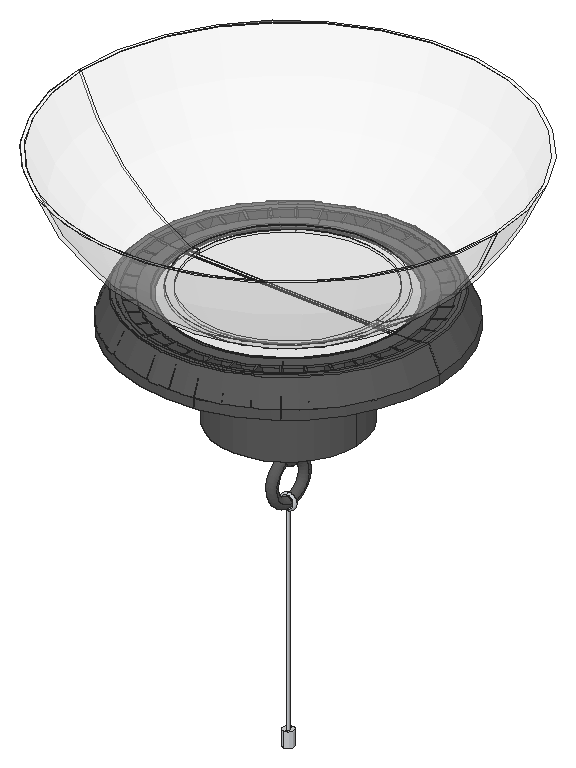
Revit family "0039363+0039358 Sylvania Lighting Fixture START HighBay IP65 DALI 19000lm 840 MB with PC LAMPSHADE TRANSPARENT 13 19KLM pendant", category Lighting Fixtures, host Face, Revit 2017
Family settings
  Host = Face
  Round Connector Dimension = Use Diameter
  Part Type = Normal
  OmniClass Number = 23.80.70.00
  OmniClass Title = Lighting
  Cut with Voids When Loaded = No
  Light Source = Yes
  Shared = No
  Room Calculation Point = No
Parameters (values of type "0039363+0039358 START HighBay IP65 DALI 19000lm 840 MB with PC LAMPSHADE TRANSPARENT 13/19KLM")
  WidthStraight_FEILO = if(SizeS_FEILO, 3 mm, if(SizeM_FEILO, 4 mm, 4.7 mm))  # 4 mm
  WidthRingChamfer_FEILO = if(SizeS_FEILO, 10.3 mm, if(SizeM_FEILO, 11.2 mm, 12.9 mm))  # 11.2 mm
  WidthCurved_FEILO = if(SizeS_FEILO, 17.4 mm, if(SizeM_FEILO, 16.4 mm, 26.2 mm))  # 16.4 mm
  WidthCurvedRing_FEILO = if(SizeS_FEILO, 3 mm, if(SizeM_FEILO, 4 mm, 4.7 mm))  # 4 mm
  WidthBracket_FEILO = 40 mm
  Weight = "3.4 kg"
  Wattage Comments = ""
  Wattage = 150 W
  WarrantyStartDate [instance] = "n/a"
  WarrantyGuarantorParts = "n/a"
  WarrantyDurationUnit = "n/a"
  WarrantyDurationParts = "n/a"
  WarrantyDescription = "n/a"
  built-in parameter 1150110 = 1 (stored number, unit not read)
  Voltage = 0 V
  VisibilityBracket_FEILO = no
  URL = "http://www.sylvania-lighting.com"
  TypeName = "START HighBay IP65 DALI 19000lm 840 MB with PC LAMPSHADE TRANSPARENT 13/19KLM"
  Type Image = <None>
  Type Comments = "n/a"
  built-in parameter 1114217 = 1 (stored number, unit not read)
  Tilt Angle = -90.00°
  ThicknessWall_FEILO = 1.5 mm
  ThicknessBracket_FEILO = 1.5 mm
  ThicknessBracketHalf_FEILO = ThicknessBracket_FEILO / 2  # 0.75 mm
  built-in parameter 1150109 = 1 (stored number, unit not read)
  built-in parameter 1150134 = 12
  SuspensionHeight_FEILO [instance] = 400 mm
  built-in parameter 1150113 = 1 (stored number, unit not read)
  SizeS_FEILO = no
  SizeM_FEILO = yes
  ShadeThickness_FEILO = 3 mm
  ShadeSizeSM_FEILO = or(SizeS_FEILO, SizeM_FEILO)  # yes
  ShadeRadiusOut_FEILO = 205 mm
  ShadeRadiusIn_FEILO = if(ShadeSizeSM_FEILO, 95 mm, 121 mm)  # 95 mm
  ShadeRadiusBend_FEILO = if(ShadeSizeSM_FEILO, 210 mm, 210 mm)  # 210 mm
  ShadeHeight_FEILO = if(ShadeSizeSM_FEILO, 120 mm, 151 mm)  # 120 mm
  SerialNumber [instance] = "n/a"
  Rib4_FEILO = if(SizeS_FEILO, 18.1 mm, if(SizeM_FEILO, 13.6 mm, 14.6 mm))  # 13.6 mm
  Rib3_FEILO = if(SizeS_FEILO, 15.3 mm, if(SizeM_FEILO, 17.6 mm, 20.2 mm))  # 17.6 mm
  Rib2_FEILO = if(SizeS_FEILO, 3.6 mm, if(SizeM_FEILO, 3.9 mm, 4.5 mm))  # 3.9 mm
  Rib1_FEILO = if(SizeS_FEILO, 15.1 mm, if(SizeM_FEILO, 16.5 mm, 19 mm))  # 16.5 mm
  RadiusDiffuser_FEILO = if(SizeS_FEILO, 95.2 mm, if(SizeM_FEILO, 105.3 mm, 120 mm))  # 105.3 mm
  RadiusArrayPost_FEILO = DriverRadius_FEILO - 6 mm  # 61.2 mm
  RHRadius3_FEILO = if(SizeS_FEILO, 6.6 mm, if(SizeM_FEILO, 7.4 mm, 8.6 mm))  # 7.4 mm
  RHRadius2_FEILO = if(SizeS_FEILO, 11 mm, if(SizeM_FEILO, 12 mm, 14 mm))  # 12 mm
  RHRadius1_FEILO = if(SizeS_FEILO, 13.6 mm, if(SizeM_FEILO, 14.9 mm, 17.7 mm))  # 14.9 mm
  RHHeight4_FEILO = if(SizeS_FEILO, 7.3 mm, if(SizeM_FEILO, 8 mm, 9.2 mm))  # 8 mm
  RHHeight3_FEILO = if(SizeS_FEILO, 3.6 mm, if(SizeM_FEILO, 3.7 mm, 4.6 mm))  # 3.7 mm
  RHHeight2_FEILO = if(SizeS_FEILO, 2 mm, if(SizeM_FEILO, 2.2 mm, 2.6 mm))  # 2.2 mm
  RHHeight1_FEILO = if(SizeS_FEILO, 11.8 mm, if(SizeM_FEILO, 15.3 mm, 17.4 mm))  # 15.3 mm
  Photometric Web File = "0039363+0039358.ies"
  Material_5_FEILO = Shade-Sylvania-StartHighbay-PC
  Material_3_FEILO = LED-Sylvania-StartHighbay-Glow
  PowerFactor = 0.95
  PowerConsumption = "150 W"
  NominalLength = 296 mm
  NominalHeight = 172 mm
  NominalDepth = 296 mm
  Name = "START HighBay IP65 DALI 19000lm 840 MB with PC LAMPSHADE TRANSPARENT 13/19KLM"
  ModelReference = Name  # "START HighBay IP65 DALI 19000lm 840 MB with PC LAMPSHADE TRANSPARENT 13/19KLM"
  ModelNumber = "0039363+0039358"
  Model = Name  # "START HighBay IP65 DALI 19000lm 840 MB with PC LAMPSHADE TRANSPARENT 13/19KLM"
  Material = "aluminium alloy housing, polycarbonate diffuser"
  ManufacturerName = "Feilo Sylvania"
  Manufacturer = "Feilo Sylvania"
  LuminousEfficacy = "130 lm/W"
  built-in parameter 1150105 = 26356.9 (stored number, unit not read)
  Lumens = 19500 lm
  LuminaireType = ""
  built-in parameter 1150115 = 1 (stored number, unit not read)
  LightOutputRatio = "n/a"
  built-in parameter 1150137 = (empty or 0)
  built-in parameter 1150139 = (empty or 0)
  LampsType = Lamp  # "LED"
  LampNominalLuminous = "19500 lm"
  LampMacAdamStep = "6"
  LampColourTemperature = "4000 K"
  LampColourRenderingIndex = "80"
  built-in parameter 1150112 = 1 (stored number, unit not read)
  built-in parameter 1150114 = 1 (stored number, unit not read)
  Lamp = "LED"
  Keynote = "16500"
  InstallationDate [instance] = "n/a"
  InputVoltage = "n/a"
  InputNominalFrequency = "50/60 Hz"
  built-in parameter 1150132 = (empty or 0)
  built-in parameter 1150102 = (empty or 0)
  built-in parameter 1150107 = 4000 (stored number, unit not read)
  built-in parameter 1150138 = (empty or 0)
  IngressProtection = "IP65"
  ImpactProtectionIndex = "IK08"
  built-in parameter 1150106 = 263.57 (stored number, unit not read)
  IfcExportType = "IfcLightFixtureType"
  IfcExportAs = "IfcLightFixtureType"
  HeightRing_FEILO = if(SizeS_FEILO, 19.8 mm, if(SizeM_FEILO, 32 mm, 36.8 mm))  # 32 mm
  HeightRingChamfer_FEILO = if(SizeS_FEILO, 11.7 mm, if(SizeM_FEILO, 23.2 mm, 26.6 mm))  # 23.2 mm
  EyeThickness_FEILO = if(SizeS_FEILO, 8.4 mm, if(SizeM_FEILO, 9.2 mm, 10.5 mm))  # 9.2 mm
  EyeThicknessHalf_FEILO = EyeThickness_FEILO / 2  # 4.6 mm
  EyeInner_FEILO = if(SizeS_FEILO, 13.8 mm, if(SizeM_FEILO, 15.1 mm, 17.3 mm))  # 15.1 mm
  ExpectedLife = 50000
  Emit from Circle Diameter = RadiusDiffuser_FEILO * 2  # 210.6 mm
  Emit Shape Visible in Rendering = no
  ElectricShockClassification = "Class I"
  built-in parameter 1150104 = 12.077 (stored number, unit not read)
  DurationUnit = "hours"
  DriverVerticalStraight_FEILO = if(SizeS_FEILO, 46.5 mm, if(SizeM_FEILO, 49.7 mm, 57 mm))  # 49.7 mm
  DriverVerticalChamfer_FEILO = if(SizeS_FEILO, 7.5 mm, if(SizeM_FEILO, 8.2 mm, 9.5 mm))  # 8.2 mm
  DriverRadius_FEILO = if(SizeS_FEILO, 61.4 mm, if(SizeM_FEILO, 67.2 mm, 76.4 mm))  # 67.2 mm
  DriverRadiusTop_FEILO = if(SizeS_FEILO, 42 mm, if(SizeM_FEILO, 45.3 mm, 52.4 mm))  # 45.3 mm
  DriverBottom_FEILO = if(SizeS_FEILO, 56 mm, if(SizeM_FEILO, 64.5 mm, 74 mm))  # 64.5 mm
  DocumentationLiterature = "http://www.sylvania-lighting.com/product/en-int/products/0039363"
  DimmingControlOptions = "Dimmable"
  Material_2_FEILO = Diffuser-Sylvania-StartHighbay-Transparent
  Radius_FEILO = if(SizeS_FEILO, 135 mm, if(SizeM_FEILO, 148 mm, 169.5 mm))  # 148 mm
  Dimming Lamp Color Temperature Shift = <None>
  DiameterWire_FEILO = 3 mm
  DiameterWireSupport_FEILO = 10 mm
  Description = "START Highbay, includes 1 m cables, black aluminium housing, 19,500 Lm, 150 W, 130 Lm/W, 4000 K, drive current: 3300 mA, CRI 80, 60° beam angle, DALI dimmable, IP65, IK08, 50,000 hrs (L80/B50), (D x H) 296 x 172 mm."
  Default Elevation = 1219.2 mm
  CreatedOn = "5/15/2018"
  CreatedBy = ""
  Cost = 0
  Color Filter = 16777215
  built-in parameter 1114216 [instance] = (empty or 0)
  ClassificationValue = "EF_70_80"
  ClassificationName = "Uniclass2015"
  Material_1_FEILO = Body-Sylvania-StartHighbay-Black
  BarCode [instance] = "n/a"
  built-in parameter 1114218 = 1 (stored number, unit not read)
  built-in parameter 1150133 = 10 (stored number, unit not read)
  AssetType = "Fixed"
  AssetIdentifier [instance] = "n/a"
  Assembly Code = "D5020200"
  Apparent Load = 150 VA
  Material_4_FEILO = Shade-Sylvania-StartHighbay-PC
Reference planes
  plane 1 "Center (Front/Back)": y = 0
  plane 2: z = 0
  plane 3 "Center (Left/Right)": x = 0
  plane 4: z = 400
  plane 5: x = -148
  plane 6: x = -136.8
  plane 7: z = 376.8
  plane 8: z = 368
  plane 9: x = -132.8
  plane 10: z = 397.375
  plane 11: x = -116.4
  plane 12: x = -105.3
  plane 13: x = -128.8
  plane 14: z = 398.375
  plane 15: z = 396.375
  plane 16: x = -102.3
  plane 17: z = 395.375
  plane 18: x = -146.5
  plane 19: x = -131.5
  plane 20: z = 364.1
  plane 21: x = -113.9
  plane 22: z = 350.5
  plane 23: x = -20
  plane 24: z = 335.5
  plane 25: x = -67.2
  plane 26: z = 285.8
  plane 27: x = -45.3
  plane 28: z = 277.6
  plane 29: x = -14.9
  plane 30: z = 262.3
  plane 31: z = 260.1
  plane 32: x = -12
  plane 33: z = 256.4
  plane 34: z = 248.4
  plane 35: x = -7.4
  plane 36: z = 233.3
  plane 37: z = 218.2
  plane 38: x = 4.6
  plane 39: x = -4.6
  plane 40: z = 209
  plane 41: z = 213.6
  plane 42: x = -141.65
  plane 43: x = -145.5
  plane 44: z = 366.5
  plane 45: x = -135.3
  plane 46: z = 310.65
  plane 47: y = -20
  plane 48: y = 20
  plane 49: x = 148
  plane 50: x = 136.8
  plane 51: x = 146.5
  plane 52: x = 141.65
  plane 53: x = 145.5
  plane 54: x = 135.3
  plane 55: z = 221.2
  plane 56: y = 1.5
  plane 57: y = -1.5
  plane 58: z = 219.7
  plane 59: z = 207.5
  plane 60: z = 206
  plane 61: y = -5
  plane 62: y = 5
  plane 63: z = 14
  plane 64: x = -205
  plane 65: z = 520
  plane 66: x = -95
  plane 67: x = -87
  plane 68: x = -202
  plane 69: z = 403
Forms (mm)
  Revolve 1, solid, material "Body-Sylvania-StartHighbay-Black" <- "Material_1_FEILO", detail levels medium+fine
    sketch origin (0, 0, 0) x (1, 0, 0) y (0, 0, 1)
      loop
        line (-148, 368) -> (-146.5, 368) -> (-146.5, 376.457) -> (-136.402, 397.375) -> (-128.8, 397.375) -> (-128.8, 398.859)
        arc (-128.8, 398.859) -> (-130.811, 399.39) -> (-132.8, 400) r 52.543
        line (-132.8, 400) -> (-136.341, 400)
        arc (-136.341, 400) -> (-136.831, 399.825) -> (-137.099, 399.38) r 0.774
        line (-137.099, 399.38) -> (-148, 376.8) -> (-148, 368)
      axis (0, 400) -> (0, 368)
    angle from 360 to 0
  Revolve 2, solid, material "Body-Sylvania-StartHighbay-Black" <- "Material_1_FEILO", detail levels medium+fine
    sketch origin (0, 0, 0) x (1, 0, 0) y (0, 0, 1)
      loop
        line (-116.4, 395.375) -> (-105.3, 395.375) -> (-105.3, 376.8) -> (0, 376.8) -> (0, 395.375) -> (-102.3, 395.375) -> (-102.3, 396.375) -> (-105.3, 396.375) -> (-105.3, 397.375) -> (-116.4, 397.375) -> (-116.4, 395.375)
      axis (0, 397.375) -> (0, 376.8)
    angle from 360 to 0
  Revolve 3, solid, material "Diffuser-Sylvania-StartHighbay-Transparent" <- "Material_2_FEILO", detail levels medium+fine
    sketch origin (0, 0, 0) x (1, 0, 0) y (0, 0, 1)
      loop
        line (-105.3, 396.375) -> (0, 396.375) -> (0, 398.375) -> (-105.3, 398.375) -> (-105.3, 396.375)
      axis (0, 398.375) -> (0, 396.375)
    angle from 360 to 0
  Revolve 4, solid, material "Body-Sylvania-StartHighbay-Black" <- "Material_1_FEILO"
    sketch origin (0, 0, 0) x (1, 0, 0) y (0, 0, 1)
      loop
        line (-67.2, 350.5) -> (-67.2, 285.8) -> (-45.3, 277.6) -> (-14.9, 277.6) -> (-14.9, 262.3) -> (-12, 260.1) -> (-12, 256.4) -> (-7.837, 249.126)
        arc (-7.837, 249.126) -> (-7.29, 248.594) -> (-6.553, 248.4) r 1.5
        line (-6.553, 248.4) -> (0, 248.4) -> (0, 350.5) -> (-67.2, 350.5)
      axis (0, 350.5) -> (0, 248.4)
    angle from 360 to 0
  Revolve 5, solid, material "Body-Sylvania-StartHighbay-Black" <- "Material_1_FEILO"
    sketch origin (0, 0, 0) x (1, 0, 0) y (0, 0, 1)
      loop
        circle (0, 213.6) r 4.6
      axis (4.6, 233.3) -> (-4.6, 233.3)
    angle from 360 to 0
  Extrusion 6, solid, material "Body-Sylvania-StartHighbay-Black" <- "Material_1_FEILO", visible <- "VisibilityBracket_FEILO"
    sketch origin (0, 0, 0) x (1, 0, 0) y (0, 0, 1)
      loop
        line (-145.5, 368) -> (-145.5, 366.5) -> (-137.55, 366.5)
        arc (-137.55, 366.5) -> (-137.02, 366.28) -> (-136.8, 365.75) r 0.75
        line (-136.8, 365.75) -> (-136.8, 310.65) -> (-135.3, 310.65) -> (-135.3, 366.5)
        arc (-135.3, 366.5) -> (-135.739, 367.561) -> (-136.8, 368) r 1.5
        line (-136.8, 368) -> (-145.5, 368)
      loop
        line (145.5, 368) -> (136.8, 368)
        arc (136.8, 368) -> (135.739, 367.561) -> (135.3, 366.5) r 1.5
        line (135.3, 366.5) -> (135.3, 310.65) -> (136.8, 310.65) -> (136.8, 365.75)
        arc (136.8, 365.75) -> (137.02, 366.28) -> (137.55, 366.5) r 0.75
        line (137.55, 366.5) -> (145.5, 366.5) -> (145.5, 368)
    from -20 to 20
  Extrusion 7, void
    sketch origin (0, 0, 0) x (0, 1, 0) y (0, 0, 1)
      loop
        arc (-10, 310.65) -> (-17.071, 313.579) -> (-20, 320.65) r 10
        line (-20, 320.65) -> (-25, 320.65) -> (-25, 305.65) -> (-10, 305.65) -> (-10, 310.65)
      loop
        line (10, 310.65) -> (10, 305.65) -> (25, 305.65) -> (25, 320.65) -> (20, 320.65)
        arc (20, 320.65) -> (17.071, 313.579) -> (10, 310.65) r 10
    from -136.8 to 136.8
  Revolve 8, solid, material "Body-Sylvania-StartHighbay-Black" <- "Material_1_FEILO", detail levels coarse
    sketch origin (0, 0, 0) x (1, 0, 0) y (0, 0, 1)
      loop
        line (0, 400) -> (-136.8, 400) -> (-148, 376.8) -> (-148, 368) -> (-131.5, 368) -> (-131.5, 364.1) -> (-113.9, 350.5) -> (0, 350.5) -> (0, 400)
      axis (0, 400) -> (0, 350.5)
    angle from 360 to 0
  Revolve 9, solid
    sketch origin (0, 0, 0) x (0, 1, 0) y (0, 0, 1)
      loop
        circle (0, 219.7) r 1.5
      axis (1.5, 213.6) -> (-1.5, 213.6)
    angle from 360 to 0
  Revolve 10, solid
    sketch origin (0, 0, 0) x (0, 1, 0) y (0, 0, 1)
      loop
        line (0, 0) -> (0, 207.5) -> (-1.5, 207.5) -> (-1.5, 14) -> (-5, 14) -> (-5, 0) -> (0, 0)
      axis (0, 0) -> (0, 207.5)
    angle from 360 to 0
  Revolve 11, solid, material "Shade-Sylvania-StartHighbay-PC" <- "Material_4_FEILO"
    sketch origin (0, 0, 0) x (1, 0, 0) y (0, 0, 1)
      loop
        line (-95, 400) -> (-87, 400) -> (-87, 403) -> (-94.341, 403)
        arc (-94.341, 403) -> (-159.747, 450.78) -> (-201.81, 520) r 207
        line (-201.81, 520) -> (-205, 520)
        arc (-205, 520) -> (-162.101, 448.908) -> (-95, 400) r 210
      axis (0, 520) -> (0, 400)
    angle from 360 to 0
Cuts and joins
  Extrusion 7 cuts Extrusion 6
Lines and regions (mm)
  reference lines
    curve 1: line (-148, 0, 376.8) -> (-136.8, 0, 400)
    curve 2: line (-116.4, 0, 397.375) -> (0, 0, 397.375)
    curve 3: arc (-116.4, 0, 397.375) -> (-124.704, 0, 398.035) -> (-132.8, 0, 400) r 52.543
    curve 4: line (-136.8, 0, 400) -> (-132.8, 0, 400)
    curve 5: line (-136.402, 0, 397.375) -> (-146.5, 0, 376.457)
    curve 6: line (-131.5, 0, 364.1) -> (-113.9, 0, 350.5)
    curve 7: line (-12, 0, 256.4) -> (-7.4, 0, 248.4)
    curve 8: circle (0, 0, 213.6) r 4.6 normal (0, -1, 0)
    curve 9: arc (-95, 0, 400) -> (-162.101, 0, 448.908) -> (-205, 0, 520) r 210
Dimensions and locks
  "Radius_FEILO": plane 3 "Center (Left/Right)" to plane 5
  "WidthRingChamfer_FEILO": plane 6 to plane 5
  "WidthStraight_FEILO": plane 9 to plane 6
  "WidthCurvedRing_FEILO": plane 13 to plane 9
  locked: plane 10 to plane 15 at 1
  locked: plane 14 to plane 10 at 1
  locked: plane 4 to plane 10 at 2.625
  locked: plane 15 to plane 17 at 1
  "ThicknessWall_FEILO": plane 18 to plane 5
  "ThicknessWall_FEILO": curve 5 to curve 1
  "HeightRingChamfer_FEILO": plane 4 to plane 7
  "HeightRing_FEILO": plane 4 to plane 8
  "RadiusDiffuser_FEILO": plane 3 "Center (Left/Right)" to plane 12
  locked: plane 16 to plane 12 at 3
  "WidthCurved_FEILO": plane 11 to plane 9
  "SuspensionHeight_FEILO": plane 4 to plane 2
  "Rib1_FEILO": plane 19 to plane 5
  "Rib2_FEILO": plane 8 to plane 20
  "Rib3_FEILO": plane 21 to plane 19
  "Rib4_FEILO": plane 20 to plane 22
  locked: plane 3 "Center (Left/Right)" to plane 23 at 20
  "DriverBottom_FEILO": plane 4 to plane 24
  "DriverRadius_FEILO": plane 3 "Center (Left/Right)" to plane 25
  "DriverVerticalStraight_FEILO": plane 24 to plane 26
  "DriverRadiusTop_FEILO": plane 3 "Center (Left/Right)" to plane 27
  "DriverVerticalChamfer_FEILO": plane 26 to plane 28
  "RHRadius1_FEILO": plane 3 "Center (Left/Right)" to plane 29
  "RHHeight2_FEILO": plane 30 to plane 31
  "RHRadius2_FEILO": plane 3 "Center (Left/Right)" to plane 32
  "RHHeight3_FEILO": plane 31 to plane 33
  "RHHeight4_FEILO": plane 33 to plane 34
  "RHRadius3_FEILO": plane 3 "Center (Left/Right)" to plane 35
  "RHHeight1_FEILO": plane 28 to plane 30
  "EyeInner_FEILO": plane 34 to plane 36
  "EyeInner_FEILO": plane 36 to plane 37
  equal spacing: plane 38, plane 3 "Center (Left/Right)", plane 39
  "EyeThickness_FEILO": plane 38 to plane 39
  "EyeThickness_FEILO": plane 37 to plane 40
  equal spacing: plane 37, plane 41, plane 40
  equal spacing: plane 6, plane 42, plane 18
  "ThicknessBracket_FEILO": plane 45 to plane 6
  "ThicknessBracket_FEILO": plane 8 to plane 44
  locked: plane 43 to plane 18 at 1
  equal spacing: plane 24, plane 46, plane 26
  equal spacing: plane 47, plane 1 "Center (Front/Back)", plane 48
  "WidthBracket_FEILO": plane 47 to plane 48
  "WidthRingChamfer_FEILO": plane 50 to plane 49
  "ThicknessWall_FEILO": plane 51 to plane 49
  equal spacing: plane 50, plane 52, plane 51
  "ThicknessBracket_FEILO": plane 54 to plane 50
  locked: plane 53 to plane 51 at 1
  "Radius_FEILO": plane 49 to plane 3 "Center (Left/Right)"
  equal spacing: plane 57, imposter light, plane 56
  "DiameterWire_FEILO": plane 57 to plane 56
  "DiameterWire_FEILO": plane 37 to plane 55
  equal spacing: plane 37, plane 58, plane 55
  "DiameterWire_FEILO": plane 60 to plane 40
  equal spacing: plane 60, plane 59, plane 40
  equal spacing: plane 61, plane 1 "Center (Front/Back)", plane 62
  "DiameterWireSupport_FEILO": plane 61 to plane 62
  locked: plane 63 to plane 2 at 14
  "ShadeRadiusOut_FEILO": plane 3 "Center (Left/Right)" to plane 64
  "ShadeHeight_FEILO": plane 65 to plane 4
  "ShadeRadiusIn_FEILO": plane 3 "Center (Left/Right)" to plane 66
  locked: plane 67 to plane 66 at 8
  "ShadeThickness_FEILO": plane 69 to plane 4
  "ShadeThickness_FEILO": plane 68 to plane 64
  "EyeThicknessHalf_FEILO": radius of curve 8
  "ThicknessBracket_FEILO": radius of Extrusion 6 sketch curve  (x2)
  "ThicknessBracketHalf_FEILO": radius of Extrusion 6 sketch curve  (x2)
  "DiameterWire_FEILO": diameter of Revolve 9 sketch curve
  "ShadeRadiusBend_FEILO": radius of curve 9
  aligned and locked: plane 2 to host face
  aligned and locked: level to host face
  aligned and locked: plane 5 to curve 1
  aligned and locked: plane 6 to curve 1
  aligned and locked: plane 7 to curve 1
  aligned and locked: plane 10 to curve 2
  aligned and locked: plane 9 to curve 3
  aligned and locked: plane 4 to curve 3
  aligned and locked: plane 11 to curve 3
  aligned and locked: plane 4 to curve 4
  aligned and locked: plane 18 to curve 5
  aligned and locked: plane 10 to curve 5
  aligned and locked: Revolve 1 sketch curve to plane 3 "Center (Left/Right)"
  aligned and locked: Revolve 1 sketch curve to curve 3
  aligned and locked: Revolve 1 sketch curve to curve 1
  aligned and locked: plane 4 to Revolve 1 sketch curve
  aligned and locked: plane 9 to Revolve 1 sketch curve
  aligned and locked: Revolve 1 sketch curve to plane 13
  aligned and locked: Revolve 1 sketch curve to plane 10
  aligned and locked: plane 13 to Revolve 1 sketch curve
  aligned and locked: plane 10 to Revolve 1 sketch curve
  aligned and locked: Revolve 1 sketch curve to plane 18
  aligned and locked: Revolve 1 sketch curve to plane 8
  aligned and locked: plane 5 to Revolve 1 sketch curve  (x2)
  aligned and locked: Revolve 2 sketch curve to plane 3 "Center (Left/Right)"
  aligned and locked: plane 11 to Revolve 2 sketch curve
  aligned and locked: Revolve 2 sketch curve to curve 2
  aligned and locked: plane 15 to Revolve 2 sketch curve
  aligned and locked: Revolve 2 sketch curve to plane 16
  aligned and locked: plane 17 to Revolve 2 sketch curve  (x2)
  aligned and locked: Revolve 2 sketch curve to plane 12
  aligned and locked: plane 7 to Revolve 2 sketch curve
  aligned and locked: Revolve 3 sketch curve to plane 3 "Center (Left/Right)"
  aligned and locked: Revolve 3 sketch curve to plane 14
  aligned and locked: plane 3 "Center (Left/Right)" to Revolve 3 sketch curve
  aligned and locked: Revolve 3 sketch curve to plane 12
  aligned and locked: plane 15 to Revolve 3 sketch curve
  aligned and locked: Revolve 1 sketch curve to curve 5
  aligned and locked: plane 22 to curve 6
  aligned and locked: plane 21 to curve 6
  aligned and locked: plane 20 to curve 6
  aligned and locked: plane 19 to curve 6
  aligned and locked: plane 33 to curve 7
  aligned and locked: plane 32 to curve 7
  aligned and locked: plane 35 to curve 7
  aligned and locked: plane 34 to curve 7
  aligned and locked: Revolve 4 sketch curve to plane 3 "Center (Left/Right)"
  aligned and locked: Revolve 4 sketch curve to plane 25
  aligned and locked: plane 27 to Revolve 4 sketch curve
  aligned and locked: plane 28 to Revolve 4 sketch curve
  aligned and locked: plane 30 to Revolve 4 sketch curve
  aligned and locked: Revolve 4 sketch curve to plane 29
  aligned and locked: plane 31 to Revolve 4 sketch curve
  aligned and locked: Revolve 4 sketch curve to curve 7
  aligned and locked: Revolve 4 sketch curve to plane 32
  aligned and locked: plane 34 to Revolve 4 sketch curve
  aligned and locked: plane 3 "Center (Left/Right)" to Revolve 4 sketch curve
  aligned and locked: plane 3 "Center (Left/Right)" to curve 8
  aligned and locked: plane 41 to curve 8
  aligned and locked: Revolve 5 sketch curve to plane 36
  aligned and locked: Revolve 5 sketch curve to curve 8
  aligned and locked: plane 43 to Extrusion 6 sketch curve  (x2)
  aligned and locked: plane 8 to Extrusion 6 sketch curve  (x3)
  aligned and locked: Extrusion 6 sketch curve to plane 45
  aligned and locked: Extrusion 6 sketch curve to plane 46  (x2)
  aligned and locked: plane 6 to Extrusion 6 sketch curve
  aligned and locked: Extrusion 6 sketch curve to plane 44  (x2)
  aligned and locked: Extrusion 6 to plane 48
  aligned and locked: plane 47 to Extrusion 6
  aligned and locked: plane 53 to Extrusion 6 sketch curve
  aligned and locked: plane 50 to Extrusion 6 sketch curve
  aligned and locked: Extrusion 6 sketch curve to plane 54
  aligned and locked: Extrusion 7 sketch curve to Extrusion 7 sketch curve
  aligned and locked: Extrusion 7 to plane 6
  aligned and locked: Extrusion 7 to Extrusion 6
  aligned and locked: Revolve 4 sketch curve to plane 22
  aligned and locked: plane 23 to nested 1
  aligned and locked: plane 1 "Center (Front/Back)" to nested 1
  aligned and locked: Revolve 8 sketch curve to plane 3 "Center (Left/Right)"
  aligned and locked: Revolve 8 sketch curve to plane 4
  aligned and locked: plane 6 to Revolve 8 sketch curve
  aligned and locked: plane 4 to Revolve 8 sketch curve
  aligned and locked: plane 7 to Revolve 8 sketch curve
  aligned and locked: Revolve 8 sketch curve to plane 5
  aligned and locked: plane 8 to Revolve 8 sketch curve  (x2)
  aligned and locked: Revolve 8 sketch curve to plane 19
  aligned and locked: plane 20 to Revolve 8 sketch curve
  aligned and locked: plane 19 to Revolve 8 sketch curve
  aligned and locked: plane 21 to Revolve 8 sketch curve
  aligned and locked: plane 22 to Revolve 8 sketch curve  (x2)
  aligned and locked: Revolve 8 sketch curve to Revolve 8 sketch curve
  aligned and locked: imposter light to plane 4
  aligned and locked: plane 3 "Center (Left/Right)" to imposter light
  aligned and locked: imposter light to plane 1 "Center (Front/Back)"
  aligned and locked: Revolve 9 sketch curve to plane 41
  aligned and locked: Revolve 10 sketch curve to plane 1 "Center (Front/Back)"
  aligned and locked: plane 1 "Center (Front/Back)" to Revolve 10 sketch curve  (x2)
  aligned and locked: host face to Revolve 10 sketch curve
  aligned and locked: plane 63 to Revolve 10 sketch curve
  aligned and locked: Revolve 10 sketch curve to plane 61
  aligned and locked: Revolve 10 sketch curve to plane 57
  aligned and locked: plane 59 to Revolve 10 sketch curve
  aligned and locked: plane 64 to curve 9
  aligned and locked: plane 65 to curve 9
  aligned and locked: plane 66 to curve 9
  aligned and locked: plane 4 to curve 9
  aligned and locked: Revolve 11 sketch curve to curve 9
  aligned and locked: plane 67 to Revolve 11 sketch curve
  aligned and locked: plane 66 to Revolve 11 sketch curve
  aligned and locked: plane 65 to Revolve 11 sketch curve  (x2)
  aligned and locked: Revolve 11 sketch curve to plane 67
  aligned and locked: plane 69 to Revolve 11 sketch curve
Automatic sketch dimensions
  host sketch curve to host sketch curve = 2438.4 mm  (x2)
  Revolve 1 sketch curve to plane 6 = 0.299 mm
  plane 6 to Revolve 1 sketch curve = 0.459 mm
  Revolve 1 sketch curve to level = 609.6 mm
  Revolve 1 sketch curve to Revolve 1 sketch curve = 2312.223 mm
  Revolve 2 sketch curve to plane 12 = 0 mm
  Revolve 2 sketch curve to plane 3 "Center (Left/Right)" = 0 mm
  Revolve 2 sketch curve to level = 609.6 mm
  Revolve 2 sketch curve to plane 4 = 2339.058 mm
  Revolve 3 sketch curve to level = 609.6 mm
  Revolve 3 sketch curve to plane 4 = 2339.058 mm
  Revolve 5 sketch curve to plane 5 = 1080 mm
  plane 38 to Revolve 5 sketch curve = 1219.2 mm
  Extrusion 7 sketch curve to plane 47 = 0 mm
  plane 46 to Extrusion 7 sketch curve = 0 mm  (x2)
  Extrusion 7 sketch curve to plane 48 = 0 mm
  plane 47 to Extrusion 7 sketch curve = 5 mm
  plane 1 "Center (Front/Back)" to Extrusion 7 sketch curve = 10 mm
  Extrusion 7 sketch curve to Extrusion 7 sketch curve = 10 mm
  plane 46 to Extrusion 7 sketch curve = 5 mm
  Extrusion 7 sketch curve to Extrusion 7 sketch curve = 5 mm
  Extrusion 7 sketch curve to plane 48 = 5 mm
  Revolve 4 sketch curve to plane 26 = 0 mm
  Revolve 4 sketch curve to plane 35 = 0.437 mm
  plane 35 to Revolve 4 sketch curve = 0.847 mm
  Revolve 4 sketch curve to plane 34 = 0.726 mm
  plane 40 to Revolve 4 sketch curve = 590.2 mm
  Revolve 4 sketch curve to plane 4 = 2339.058 mm
  Revolve 8 sketch curve to level = 609.6 mm
  Revolve 8 sketch curve to Revolve 8 sketch curve = 2386.058 mm
  Revolve 9 sketch curve to plane 1 "Center (Front/Back)" = 0 mm
  plane 58 to Revolve 9 sketch curve = 0 mm
  plane 47 to Revolve 9 sketch curve = 2534.941 mm
  Revolve 9 sketch curve to plane 48 = 2077.409 mm
  Revolve 10 sketch curve to Revolve 10 sketch curve = 609.6 mm
  Revolve 10 sketch curve to plane 4 = 2123.807 mm
  curve 2 to plane 3 "Center (Left/Right)" = 0 mm
  Revolve 11 sketch curve to Revolve 11 sketch curve = 0 mm  (x2)
  Revolve 11 sketch curve to plane 3 "Center (Left/Right)" = 0 mm
  plane 66 to Revolve 11 sketch curve = 0.659 mm
  Revolve 11 sketch curve to level = 609.6 mm
  Revolve 11 sketch curve to Revolve 11 sketch curve = 2068.248 mm
Nested families
  nested 1: "Start Highbay Rib" at (0, 0, 397.375), type "Type Name", detail levels medium+fine
    with SuspensionHeight_FEILO 2.6 mm
  nested 2: "Start Highbay Rib" at (0, 0, 397.375) x (0.9877, 0.1564, 0) z (0, 0, 1), type "Type Name", detail levels medium+fine
    with SuspensionHeight_FEILO 2.6 mm
  nested 3: "Start Highbay Rib" at (0, 0, 397.375) x (0.9511, 0.309, 0) z (0, 0, 1), type "Type Name", detail levels medium+fine
    with SuspensionHeight_FEILO 2.6 mm
  nested 4: "Start Highbay Rib" at (0, 0, 397.375) x (0.891, 0.454, 0) z (0, 0, 1), type "Type Name", detail levels medium+fine
    with SuspensionHeight_FEILO 2.6 mm
  nested 5: "Start Highbay Rib" at (0, 0, 397.375) x (0.809, 0.5878, 0) z (0, 0, 1), type "Type Name", detail levels medium+fine
    with SuspensionHeight_FEILO 2.6 mm
  nested 6: "Start Highbay Rib" at (0, 0, 397.375) x (0.7071, 0.7071, 0) z (0, 0, 1), type "Type Name", detail levels medium+fine
    with SuspensionHeight_FEILO 2.6 mm
  nested 7: "Start Highbay Rib" at (0, 0, 397.375) x (0.5878, 0.809, 0) z (0, 0, 1), type "Type Name", detail levels medium+fine
    with SuspensionHeight_FEILO 2.6 mm
  nested 8: "Start Highbay Rib" at (0, 0, 397.375) x (0.454, 0.891, 0) z (0, 0, 1), type "Type Name", detail levels medium+fine
    with SuspensionHeight_FEILO 2.6 mm
  nested 9: "Start Highbay Rib" at (0, 0, 397.375) x (0.309, 0.9511, 0) z (0, 0, 1), type "Type Name", detail levels medium+fine
    with SuspensionHeight_FEILO 2.6 mm
  nested 10: "Start Highbay Rib" at (0, 0, 397.375) x (0.1564, 0.9877, 0) z (0, 0, 1), type "Type Name", detail levels medium+fine
    with SuspensionHeight_FEILO 2.6 mm
  nested 11: "Start Highbay Rib" at (0, 0, 397.375) x (0, 1, 0) z (0, 0, 1), type "Type Name", detail levels medium+fine
    with SuspensionHeight_FEILO 2.6 mm
  nested 12: "Start Highbay Rib" at (0, 0, 397.375) x (-0.1564, 0.9877, 0) z (0, 0, 1), type "Type Name", detail levels medium+fine
    with SuspensionHeight_FEILO 2.6 mm
  nested 13: "Start Highbay Rib" at (0, 0, 397.375) x (-0.309, 0.9511, 0) z (0, 0, 1), type "Type Name", detail levels medium+fine
    with SuspensionHeight_FEILO 2.6 mm
  nested 14: "Start Highbay Rib" at (0, 0, 397.375) x (-0.454, 0.891, 0) z (0, 0, 1), type "Type Name", detail levels medium+fine
    with SuspensionHeight_FEILO 2.6 mm
  nested 15: "Start Highbay Rib" at (0, 0, 397.375) x (-0.5878, 0.809, 0) z (0, 0, 1), type "Type Name", detail levels medium+fine
    with SuspensionHeight_FEILO 2.6 mm
  nested 16: "Start Highbay Rib" at (0, 0, 397.375) x (-0.7071, 0.7071, 0) z (0, 0, 1), type "Type Name", detail levels medium+fine
    with SuspensionHeight_FEILO 2.6 mm
  nested 17: "Start Highbay Rib" at (0, 0, 397.375) x (-0.809, 0.5878, 0) z (0, 0, 1), type "Type Name", detail levels medium+fine
    with SuspensionHeight_FEILO 2.6 mm
  nested 18: "Start Highbay Rib" at (0, 0, 397.375) x (-0.891, 0.454, 0) z (0, 0, 1), type "Type Name", detail levels medium+fine
    with SuspensionHeight_FEILO 2.6 mm
  nested 19: "Start Highbay Rib" at (0, 0, 397.375) x (-0.9511, 0.309, 0) z (0, 0, 1), type "Type Name", detail levels medium+fine
    with SuspensionHeight_FEILO 2.6 mm
  nested 20: "Start Highbay Rib" at (0, 0, 397.375) x (-0.9877, 0.1564, 0) z (0, 0, 1), type "Type Name", detail levels medium+fine
    with SuspensionHeight_FEILO 2.6 mm
  nested 21: "Start Highbay Rib" at (0, 0, 397.375) x (-1, 0, 0) z (0, 0, 1), type "Type Name", detail levels medium+fine
    with SuspensionHeight_FEILO 2.6 mm
  nested 22: "Start Highbay Rib" at (0, 0, 397.375) x (-0.9877, -0.1564, 0) z (0, 0, 1), type "Type Name", detail levels medium+fine
    with SuspensionHeight_FEILO 2.6 mm
  nested 23: "Start Highbay Rib" at (0, 0, 397.375) x (-0.9511, -0.309, 0) z (0, 0, 1), type "Type Name", detail levels medium+fine
    with SuspensionHeight_FEILO 2.6 mm
  nested 24: "Start Highbay Rib" at (0, 0, 397.375) x (-0.891, -0.454, 0) z (0, 0, 1), type "Type Name", detail levels medium+fine
    with SuspensionHeight_FEILO 2.6 mm
  nested 25: "Start Highbay Rib" at (0, 0, 397.375) x (-0.809, -0.5878, 0) z (0, 0, 1), type "Type Name", detail levels medium+fine
    with SuspensionHeight_FEILO 2.6 mm
  nested 26: "Start Highbay Rib" at (0, 0, 397.375) x (-0.7071, -0.7071, 0) z (0, 0, 1), type "Type Name", detail levels medium+fine
    with SuspensionHeight_FEILO 2.6 mm
  nested 27: "Start Highbay Rib" at (0, 0, 397.375) x (-0.5878, -0.809, 0) z (0, 0, 1), type "Type Name", detail levels medium+fine
    with SuspensionHeight_FEILO 2.6 mm
  nested 28: "Start Highbay Rib" at (0, 0, 397.375) x (-0.454, -0.891, 0) z (0, 0, 1), type "Type Name", detail levels medium+fine
    with SuspensionHeight_FEILO 2.6 mm
  nested 29: "Start Highbay Rib" at (0, 0, 397.375) x (-0.309, -0.9511, 0) z (0, 0, 1), type "Type Name", detail levels medium+fine
    with SuspensionHeight_FEILO 2.6 mm
  nested 30: "Start Highbay Rib" at (0, 0, 397.375) x (-0.1564, -0.9877, 0) z (0, 0, 1), type "Type Name", detail levels medium+fine
    with SuspensionHeight_FEILO 2.6 mm
  nested 31: "Start Highbay Rib" at (0, 0, 397.375) x (0, -1, 0) z (0, 0, 1), type "Type Name", detail levels medium+fine
    with SuspensionHeight_FEILO 2.6 mm
  nested 32: "Start Highbay Rib" at (0, 0, 397.375) x (0.1564, -0.9877, 0) z (0, 0, 1), type "Type Name", detail levels medium+fine
    with SuspensionHeight_FEILO 2.6 mm
  nested 33: "Start Highbay Rib" at (0, 0, 397.375) x (0.309, -0.9511, 0) z (0, 0, 1), type "Type Name", detail levels medium+fine
    with SuspensionHeight_FEILO 2.6 mm
  nested 34: "Start Highbay Rib" at (0, 0, 397.375) x (0.454, -0.891, 0) z (0, 0, 1), type "Type Name", detail levels medium+fine
    with SuspensionHeight_FEILO 2.6 mm
  nested 35: "Start Highbay Rib" at (0, 0, 397.375) x (0.5878, -0.809, 0) z (0, 0, 1), type "Type Name", detail levels medium+fine
    with SuspensionHeight_FEILO 2.6 mm
  nested 36: "Start Highbay Rib" at (0, 0, 397.375) x (0.7071, -0.7071, 0) z (0, 0, 1), type "Type Name", detail levels medium+fine
    with SuspensionHeight_FEILO 2.6 mm
  nested 37: "Start Highbay Rib" at (0, 0, 397.375) x (0.809, -0.5878, 0) z (0, 0, 1), type "Type Name", detail levels medium+fine
    with SuspensionHeight_FEILO 2.6 mm
  nested 38: "Start Highbay Rib" at (0, 0, 397.375) x (0.891, -0.454, 0) z (0, 0, 1), type "Type Name", detail levels medium+fine
    with SuspensionHeight_FEILO 2.6 mm
  nested 39: "Start Highbay Rib" at (0, 0, 397.375) x (0.9511, -0.309, 0) z (0, 0, 1), type "Type Name", detail levels medium+fine
    with SuspensionHeight_FEILO 2.6 mm
  nested 40: "Start Highbay Rib" at (0, 0, 397.375) x (0.9877, -0.1564, 0) z (0, 0, 1), type "Type Name", detail levels medium+fine
    with SuspensionHeight_FEILO 2.6 mm
Connectors
  electrical at (0, 0, 0), driven by "Apparent Load", driven by "PowerFactor", driven by "Voltage"
    settings: index 1, voltage 0 V, apparent load 150 VA, apparent load phase1 0 VA, apparent load phase2 0 VA, apparent load phase3 0 VA, power factor 0.95, load classification "Lighting", number of poles 1, system type 30, power factor state 1, is connector primary yes, connector utility no, sub classification motor no, connector description ""
Definition of nested family "Start Highbay Rib"
  Parameters (values of type "Type Name")
    WidthStraight_FEILO = if(SizeS_FEILO, 3 mm, if(SizeM_FEILO, 4 mm, 4.7 mm))  # 3 mm
    WidthRingChamfer_FEILO = if(SizeS_FEILO, 10.3 mm, if(SizeM_FEILO, 11.2 mm, 12.9 mm))  # 10.3 mm
    WidthCurved_FEILO = if(SizeS_FEILO, 17.4 mm, if(SizeM_FEILO, 16.4 mm, 26.2 mm))  # 17.4 mm
    WidthCurvedRing_FEILO = if(SizeS_FEILO, 3 mm, if(SizeM_FEILO, 4 mm, 4.7 mm))  # 3 mm
    WidthBracket_FEILO = 40 mm
    URL = "http://www.feilosylvania.com"
    Type Image = (empty or 0)
    Type Comments = "n/a"
    ThicknessWall_FEILO = 1.5 mm
    ThicknessBracket_FEILO = 1.5 mm
    ThicknessBracketHalf_FEILO = ThicknessBracket_FEILO / 2  # 0.75 mm
    SuspensionHeight_FEILO [instance] = 2.6 mm
    SizeS_FEILO = yes
    SizeM_FEILO = no
    Rib4_FEILO = if(SizeS_FEILO, 18.1 mm, if(SizeM_FEILO, 13.6 mm, 14.6 mm))  # 18.1 mm
    Rib3_FEILO = if(SizeS_FEILO, 15.3 mm, if(SizeM_FEILO, 17.6 mm, 20.2 mm))  # 15.3 mm
    Rib2_FEILO = if(SizeS_FEILO, 3.6 mm, if(SizeM_FEILO, 3.9 mm, 4.5 mm))  # 3.6 mm
    Rib1_FEILO = if(SizeS_FEILO, 15.1 mm, if(SizeM_FEILO, 16.5 mm, 19 mm))  # 15.1 mm
    RadiusRib_FEILO = 2 mm
    RadiusDiffuser_FEILO = if(SizeS_FEILO, 95.2 mm, if(SizeM_FEILO, 105.3 mm, 120 mm))  # 95.2 mm
    RHRadius3_FEILO = if(SizeS_FEILO, 6.6 mm, if(SizeM_FEILO, 7.4 mm, 8.6 mm))  # 6.6 mm
    RHRadius2_FEILO = if(SizeS_FEILO, 11 mm, if(SizeM_FEILO, 12 mm, 14 mm))  # 11 mm
    RHRadius1_FEILO = if(SizeS_FEILO, 13.6 mm, if(SizeM_FEILO, 14.9 mm, 17.7 mm))  # 13.6 mm
    RHHeight4_FEILO = if(SizeS_FEILO, 7.3 mm, if(SizeM_FEILO, 8 mm, 9.2 mm))  # 7.3 mm
    RHHeight3_FEILO = if(SizeS_FEILO, 3.6 mm, if(SizeM_FEILO, 3.7 mm, 4.6 mm))  # 3.6 mm
    RHHeight2_FEILO = if(SizeS_FEILO, 2 mm, if(SizeM_FEILO, 2.2 mm, 2.6 mm))  # 2 mm
    RHHeight1_FEILO = if(SizeS_FEILO, 11.8 mm, if(SizeM_FEILO, 15.3 mm, 17.4 mm))  # 11.8 mm
    Material_3_FEILO = none
    Model = ""
    Manufacturer = "Feilo Sylvania"
    Keynote = "16500"
    HeightRing_FEILO = if(SizeS_FEILO, 19.8 mm, if(SizeM_FEILO, 32 mm, 36.8 mm))  # 19.8 mm
    HeightRingChamfer_FEILO = if(SizeS_FEILO, 11.7 mm, if(SizeM_FEILO, 23.2 mm, 26.6 mm))  # 11.7 mm
    EyeThickness_FEILO = if(SizeS_FEILO, 8.4 mm, if(SizeM_FEILO, 9.2 mm, 10.5 mm))  # 8.4 mm
    EyeThicknessHalf_FEILO = EyeThickness_FEILO / 2  # 4.2 mm
    EyeInner_FEILO = if(SizeS_FEILO, 13.8 mm, if(SizeM_FEILO, 15.1 mm, 17.3 mm))  # 13.8 mm
    DriverVerticalStraight_FEILO = if(SizeS_FEILO, 46.5 mm, if(SizeM_FEILO, 49.7 mm, 57 mm))  # 46.5 mm
    DriverVerticalChamfer_FEILO = if(SizeS_FEILO, 7.5 mm, if(SizeM_FEILO, 8.2 mm, 9.5 mm))  # 7.5 mm
    DriverRadius_FEILO = if(SizeS_FEILO, 61.4 mm, if(SizeM_FEILO, 67.2 mm, 76.4 mm))  # 61.4 mm
    DriverRadiusTop_FEILO = if(SizeS_FEILO, 42 mm, if(SizeM_FEILO, 45.3 mm, 52.4 mm))  # 42 mm
    DriverBottom_FEILO = if(SizeS_FEILO, 56 mm, if(SizeM_FEILO, 64.5 mm, 74 mm))  # 56 mm
    Material_2_FEILO = none
    Radius_FEILO = if(SizeS_FEILO, 135 mm, if(SizeM_FEILO, 148 mm, 169.5 mm))  # 135 mm
    Description = ""
    Default Elevation = 1219.2 mm
    Cost = 0
    Material_1_FEILO = none
    Assembly Code = "D5020200"
    Material_4_FEILO = none
  Reference planes
    plane 1 "Center (Front/Back)": y = 0
    plane 2: z = 0
    plane 3 "Center (Left/Right)": x = 0
    plane 4: z = 2.6
    plane 5: x = -135
    plane 6: x = -124.7
    plane 7: z = -9.1
    plane 8: z = -17.2
    plane 9: x = -121.7
    plane 10: z = -0.025
    plane 11: x = -104.3
    plane 12: x = -95.2
    plane 13: x = -118.7
    plane 14: z = 0.975
    plane 15: z = -1.025
    plane 16: x = -92.2
    plane 17: z = -2.025
    plane 18: x = -133.5
    plane 19: x = -119.9
    plane 20: z = -20.8
    plane 21: x = -104.6
    plane 22: z = -38.9
    plane 23: x = -20
    plane 24: z = -53.4
    plane 25: x = -61.4
    plane 26: z = -99.9
    plane 27: x = -42
    plane 28: z = -107.4
    plane 29: x = -13.6
    plane 30: z = -119.2
    plane 31: z = -121.2
    plane 32: x = -11
    plane 33: z = -124.8
    plane 34: z = -132.1
    plane 35: x = -6.6
    plane 36: z = -145.9
    plane 37: z = -159.7
    plane 38: x = 4.2
    plane 39: x = -4.2
    plane 40: z = -168.1
    plane 41: z = -163.9
    plane 42: x = -129.1
    plane 43: x = -132.5
    plane 44: z = -18.7
    plane 45: x = -123.2
    plane 46: z = -76.65
    plane 47: y = -20
    plane 48: y = 20
    plane 49: x = 135
    plane 50: x = 124.7
    plane 51: x = 133.5
    plane 52: x = 129.1
    plane 53: x = 132.5
    plane 54: x = 123.2
    plane 55: y = 0.75
    plane 56: y = -0.75
  Forms (mm)
    Extrusion 1, solid
      sketch origin (4.2, 0, 0) x (1, 0, 0) y (0, 1, 0)
        loop
          line (-1219.2, 1219.2) -> (-1219.2, -1219.2) -> (1219.2, -1219.2) -> (1219.2, 1219.2) -> (-1219.2, 1219.2)
      from 0 to -68.017
    Extrusion 2, solid, material <- "Material_1_FEILO"
      sketch origin (0, 0, 0) x (1, 0, 0) y (0, 0, 1)
        loop
          arc (-104.3, -0.025) -> (-111.555, 0.423) -> (-118.7, 1.76) r 58.981
          line (-118.7, 1.76) -> (-118.7, -0.025) -> (-125.012, -0.025) -> (-133.5, -9.666) -> (-133.5, -17.2) -> (-119.9, -17.2) -> (-119.9, -20.068)
          arc (-119.9, -20.068) -> (-119.778, -20.755) -> (-119.427, -21.359) r 2
          line (-119.427, -21.359) -> (-104.966, -38.467)
          arc (-104.966, -38.467) -> (-104.381, -38.789) -> (-103.723, -38.9) r 2
          line (-103.723, -38.9) -> (-20, -38.9) -> (-20, -9.1) -> (-95.2, -9.1) -> (-95.2, -2.025) -> (-104.3, -2.025) -> (-104.3, -0.025)
      from -0.75 to 0.75
  Lines and regions (mm)
    reference lines
      curve 1: line (-135, 0, -9.1) -> (-124.7, 0, 2.6)
      curve 2: line (-104.3, 0, -0.025) -> (0, 0, -0.025)
      curve 3: arc (-104.3, 0, -0.025) -> (-113.098, 0, 0.635) -> (-121.7, 0, 2.6) r 58.981
      curve 4: line (-124.7, 0, 2.6) -> (-121.7, 0, 2.6)
      curve 5: line (-125.012, 0, -0.025) -> (-133.5, 0, -9.666)
      curve 6: line (-119.9, 0, -20.8) -> (-104.6, 0, -38.9)
  Dimensions and locks
    "Radius_FEILO": plane 3 "Center (Left/Right)" to plane 5
    "WidthRingChamfer_FEILO": plane 6 to plane 5
    "WidthStraight_FEILO": plane 9 to plane 6
    "WidthCurvedRing_FEILO": plane 13 to plane 9
    locked: plane 10 to plane 15 at 1
    locked: plane 14 to plane 10 at 1
    locked: plane 4 to plane 10 at 2.625
    locked: plane 15 to plane 17 at 1
    "ThicknessWall_FEILO": plane 18 to plane 5
    "ThicknessWall_FEILO": curve 5 to curve 1
    "HeightRingChamfer_FEILO": plane 4 to plane 7
    "HeightRing_FEILO": plane 4 to plane 8
    "RadiusDiffuser_FEILO": plane 3 "Center (Left/Right)" to plane 12
    locked: plane 16 to plane 12 at 3
    "WidthCurved_FEILO": plane 11 to plane 9
    "SuspensionHeight_FEILO": plane 4 to plane 2
    "Rib1_FEILO": plane 19 to plane 5
    "Rib2_FEILO": plane 8 to plane 20
    "Rib3_FEILO": plane 21 to plane 19
    "Rib4_FEILO": plane 20 to plane 22
    locked: plane 3 "Center (Left/Right)" to plane 23 at 20
    "DriverBottom_FEILO": plane 4 to plane 24
    "DriverRadius_FEILO": plane 3 "Center (Left/Right)" to plane 25
    "DriverVerticalStraight_FEILO": plane 24 to plane 26
    "DriverRadiusTop_FEILO": plane 3 "Center (Left/Right)" to plane 27
    "DriverVerticalChamfer_FEILO": plane 26 to plane 28
    "RHRadius1_FEILO": plane 3 "Center (Left/Right)" to plane 29
    "RHHeight2_FEILO": plane 30 to plane 31
    "RHRadius2_FEILO": plane 3 "Center (Left/Right)" to plane 32
    "RHHeight3_FEILO": plane 31 to plane 33
    "RHHeight4_FEILO": plane 33 to plane 34
    "RHRadius3_FEILO": plane 3 "Center (Left/Right)" to plane 35
    "RHHeight1_FEILO": plane 28 to plane 30
    "EyeInner_FEILO": plane 34 to plane 36
    "EyeInner_FEILO": plane 36 to plane 37
    equal spacing: plane 38, plane 3 "Center (Left/Right)", plane 39
    "EyeThickness_FEILO": plane 38 to plane 39
    "EyeThickness_FEILO": plane 37 to plane 40
    equal spacing: plane 37, plane 41, plane 40
    equal spacing: plane 6, plane 42, plane 18
    "ThicknessBracket_FEILO": plane 45 to plane 6
    "ThicknessBracket_FEILO": plane 8 to plane 44
    locked: plane 43 to plane 18 at 1
    equal spacing: plane 24, plane 46, plane 26
    equal spacing: plane 47, plane 1 "Center (Front/Back)", plane 48
    "WidthBracket_FEILO": plane 47 to plane 48
    "WidthRingChamfer_FEILO": plane 50 to plane 49
    "ThicknessWall_FEILO": plane 51 to plane 49
    equal spacing: plane 50, plane 52, plane 51
    "ThicknessBracket_FEILO": plane 54 to plane 50
    locked: plane 53 to plane 51 at 1
    "Radius_FEILO": plane 49 to plane 3 "Center (Left/Right)"
    equal spacing: plane 56, plane 1 "Center (Front/Back)", plane 55
    "ThicknessWall_FEILO": plane 56 to plane 55
    "RadiusRib_FEILO": radius of Extrusion 2 sketch curve  (x2)
    aligned and locked: plane 2 to Extrusion 1
    aligned and locked: level to Extrusion 1
    aligned and locked: plane 5 to curve 1
    aligned and locked: plane 6 to curve 1
    aligned and locked: plane 7 to curve 1
    aligned and locked: plane 10 to curve 2
    aligned and locked: plane 9 to curve 3
    aligned and locked: plane 4 to curve 3
    aligned and locked: plane 11 to curve 3
    aligned and locked: plane 4 to curve 4
    aligned and locked: plane 18 to curve 5
    aligned and locked: plane 10 to curve 5
    aligned and locked: plane 22 to curve 6
    aligned and locked: plane 21 to curve 6
    aligned and locked: plane 20 to curve 6
    aligned and locked: plane 19 to curve 6
    aligned and locked: Extrusion 2 sketch curve to plane 23
    aligned and locked: Extrusion 2 sketch curve to plane 22
    aligned and locked: Extrusion 2 sketch curve to curve 6
    aligned and locked: plane 19 to Extrusion 2 sketch curve
    aligned and locked: Extrusion 2 sketch curve to plane 8
    aligned and locked: Extrusion 2 sketch curve to curve 5
    aligned and locked: Extrusion 2 sketch curve to curve 3
    aligned and locked: Extrusion 2 to plane 55
    aligned and locked: plane 56 to Extrusion 2
    aligned and locked: curve 6 to Extrusion 2 sketch curve
  Automatic sketch dimensions
    Extrusion 1 sketch curve to Extrusion 1 sketch curve = 2438.4 mm  (x2)
    curve 2 to plane 3 "Center (Left/Right)" = 0 mm
    Extrusion 2 sketch curve to plane 18 = 0 mm
    Extrusion 2 sketch curve to plane 10 = 0 mm
    Extrusion 2 sketch curve to plane 13 = 0 mm
    Extrusion 2 sketch curve to plane 7 = 0 mm
    Extrusion 2 sketch curve to plane 12 = 0 mm
    Extrusion 2 sketch curve to plane 17 = 0 mm
    plane 19 to Extrusion 2 sketch curve = 0.473 mm
    Extrusion 2 sketch curve to plane 21 = 0.366 mm
